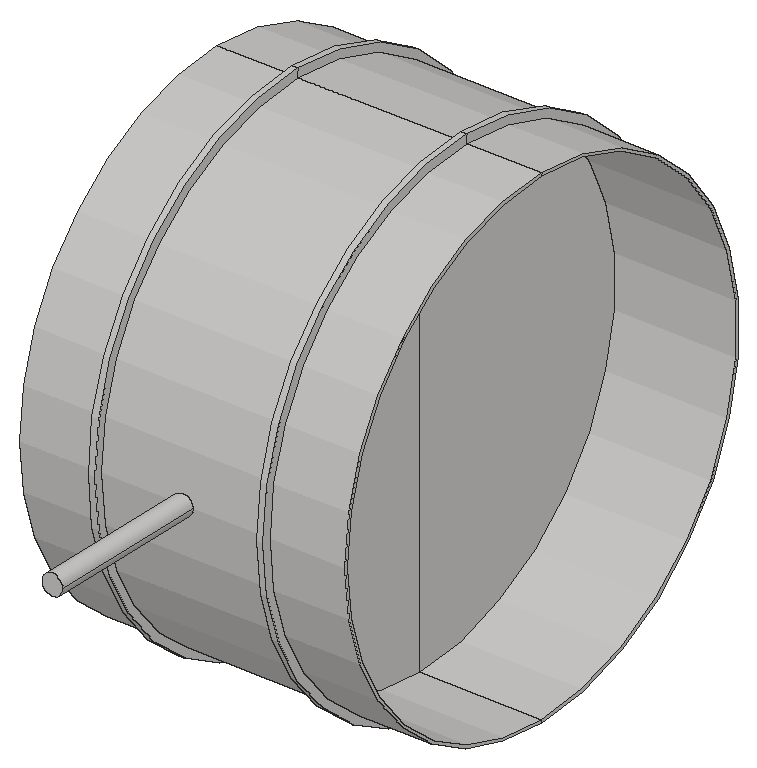
Revit family "Damper-Cable_Operated-Carnes-Round-Single_Blade_FQBA", category Duct Accessories, Revit 2012
Parameters (values of type "FQBA")
  ecoScorecard_data = ""
  ecoScorecard Product Page = "http://www.ecoscorecard.com"
  URL = "http://www.carnes.com/index.html"
  Symbol Line Length [instance] = Diameter + Bearing Length + 4"  # 20"
  Subcategory = "Louvers and Dampers"
  Specifications URL = "http://www.carnes.com/Louvers/pdf/40042.pdf"
  Product Page URL = "http://www.carnes.com/Louvers/FQAA.htm"
  Product Line = "Cable Operated Dampers"
  Pressure Drop = 0.00 Pa
  Model = "FQBA"
  Manufacturer Phone = "608-845-6411"
  Manufacturer Fax = "608-845-6470"
  Manufacturer Email = "mailto:carnes@carnes.com"
  Manufacturer Address = "448 S. Main St., P. O. Box 930040, Verona, WI 53593-0040"
  Manufacturer = "Carnes Company"
  Outside Diameter [instance] = Diameter Control + 0.13"  # 12.13"
  Frame Material = Steel - Carnes – Galvanized
  Duct Connection Radius [instance] = Diameter Control / 2  # 6"
  Diameter Control [instance] = if(Diameter < 4", 4", if(Diameter > 46", 46", Diameter))  # 12"
  Diameter [instance] = 12"
  Description = "Cable Operated Dampers"
  Depth = 8"
  Damper Air Flow = 0 CFM
  Cost Info = "mailto:carnes@carnes.com"
  Connector Descriptor 2 = "Duct Connection 2"
  Connector Descriptor 1 = "Duct Connection 1"
  Catalog URL = "http://www.carnes.com/Louvers/pdf/cable_opr_dpr_brochure.pdf"
  Blade Material = Steel - Carnes – Galvanized
  Assembly Code = "D3090700"
  Bearing Length = 4"
  95 CSI = "10200"
  04 CSI = "08 91 00"
Reference planes (in)
  plane 1 "Center (Front/Back)": y = 0
  plane 2: z = 0
  plane 3 "Center (Left/Right)": x = 0
  plane 4 "Back": y = 6
  plane 5 "Front": y = -6
  plane 6: y = 6.065
  plane 7: y = -6.065
  plane 8: y = -10.065
  plane 9 "Left": x = -4
  plane 10 "Right": x = 4
  plane 11: x = -2
  plane 12: x = 2
  plane 13: z = 6.07
  plane 14 "Symbol CL": y = -2
Forms (in)
  Revolve 1, solid, material "Steel - Carnes – Galvanized" <- "Frame Material"
    sketch origin (0, 0, 0) x (1, 0, 0) y (0, 0, 1)
      loop
        line (-4, 6) -> (-1, 6) -> (-1, 0) -> (1, 0) -> (1, 6) -> (4, 6) -> (4, 6.07) -> (2.15, 6.07) -> (2.15, 6.275) -> (2, 6.275) -> (2, 6.07) -> (-2, 6.07) -> (-2, 6.275) -> (-2.15, 6.275) -> (-2.15, 6.07) -> (-4, 6.07) -> (-4, 6)
      axis (-4, 0) -> (4, 0)
    angle from 0 to 360
  Extrusion 2, solid, material "Steel - Carnes – Galvanized" <- "Frame Material", detail levels medium+fine
    sketch origin (0, 0, 0) x (1, 0, 0) y (0, 0, 1)
      loop
        circle (0, 0) r 0.25
    from 6 to 10.065
Lines and regions (in)
  Masking region 1
    outline origin (0, 0, 0) x (1, 0, 0) y (0, 1, 0)
      loop
        line (-4, -6.065) -> (4, -6.065) -> (4, 6.065) -> (-4, 6.065) -> (-4, -6.065)
  symbolic lines, detail levels medium+fine
    curve 1: line (-3.9375, -6.065, 0) -> (-3.9375, 6.065, 0)
    curve 2: line (3.9375, -6.065, 0) -> (3.9375, 6.065, 0)
    curve 5: line (-0.25, -6.065, 0) -> (0.25, -6.065, 0)
  symbolic lines, detail levels fine
    curve 3: line (-2, 6.065, 0) -> (-2, -6.065, 0)
    curve 4: line (2, 6.065, 0) -> (2, -6.065, 0)
  symbolic lines
    curve 6: line (0, 8, 0) -> (0, -12, 0)
  symbolic lines, style "DuctAccessory"
    curve 7: line (0, 8, 0) -> (-4, 8, 0)
Dimensions and locks (in)
  equal spacing: plane 4 "Back", plane 1 "Center (Front/Back)", plane 5 "Front"
  equal spacing: plane 6, plane 1 "Center (Front/Back)", plane 7
  "Duct Connection Radius": Revolve 1 sketch curve to plane 2
  Revolve 1 sketch curve to plane 3 "Center (Left/Right)" to Revolve 1 sketch curve = 1" locked, 1" locked
  "Bearing Length": plane 7 to plane 8
  locked: Revolve 1 sketch curve to Revolve 1 sketch curve at 0.07
  equal spacing: plane 9 "Left", plane 3 "Center (Left/Right)", plane 10 "Right"
  "Depth": plane 9 "Left" to plane 10 "Right"
  locked: plane 1 "Center (Front/Back)" to connector elem at 0
  locked: connector elem to level
  locked: connector elem to level at 0
  locked: plane 1 "Center (Front/Back)" to connector elem
  equal spacing: plane 12, plane 3 "Center (Left/Right)", plane 11
  locked: Revolve 1 sketch curve to plane 11 at 0.15
  locked: plane 12 to Revolve 1 sketch curve at 0.15
  "Diameter Control": plane 4 "Back" to plane 5 "Front"
  "Outside Diameter": plane 6 to plane 7
  locked: plane 12 to plane 11 at 4
  equal spacing: plane 8, plane 14 "Symbol CL", plane 6
  equal spacing: curve 6, plane 14 "Symbol CL", curve 6
  "Symbol Line Length": curve 6 to curve 6
  locked: curve 7 to plane 3 "Center (Left/Right)" at 4
  radius of Extrusion 2 sketch curve = 1/4"
  aligned and locked: level to plane 2
  aligned and locked: Revolve 1 sketch curve to plane 2  (x2)
  aligned and locked: plane 3 "Center (Left/Right)" to Extrusion 2 sketch curve
  aligned and locked: Extrusion 2 to plane 8
  aligned and locked: Extrusion 2 to plane 5 "Front"
  aligned and locked: Revolve 1 sketch curve to plane 9 "Left"
  aligned and locked: Revolve 1 sketch curve to plane 10 "Right"
  aligned and locked: plane 7 to curve 1
  aligned and locked: plane 7 to curve 2
  aligned and locked: plane 6 to curve 1
  aligned and locked: plane 6 to curve 2
  aligned and locked: Revolve 1 sketch curve to Revolve 1 sketch curve  (x3)
  aligned and locked: plane 12 to Revolve 1 sketch curve
  aligned and locked: plane 11 to Revolve 1 sketch curve
  aligned and locked: plane 2 to Extrusion 2 sketch curve
  aligned and locked: plane 6 to curve 3
  aligned and locked: plane 6 to curve 4
  aligned and locked: plane 7 to curve 3
  aligned and locked: plane 7 to curve 4
  aligned and locked: curve 4 to plane 12
  aligned and locked: curve 3 to plane 11
  aligned and locked: plane 7 to curve 5
  aligned and locked: Masking region 1 sketch curve to plane 9 "Left"
  aligned and locked: Masking region 1 sketch curve to plane 6
  aligned and locked: curve 6 to plane 3 "Center (Left/Right)"
Automatic sketch dimensions
  plane 9 "Left" to Revolve 1 sketch curve = 0.79275"
  plane 10 "Right" to Revolve 1 sketch curve = 3.20725"
  Revolve 1 sketch curve to Revolve 1 sketch curve = 0.205"  (x2)
  Masking region 1 sketch curve to plane 10 "Right" = 0"
  plane 7 to Masking region 1 sketch curve = 0"
  curve 1 to plane 9 "Left" = 1/16"
  curve 5 to plane 3 "Center (Left/Right)" = 1/4"
  plane 3 "Center (Left/Right)" to curve 5 = 1/4"
  curve 2 to plane 10 "Right" = 1/16"
Connectors (in)
  hvac at (-4, 0, 0), driven by "Duct Connection Radius", driven by "Damper Air Flow", driven by "Connector Descriptor 1", driven by "Pressure Drop"
    settings: index 1, duct flow 0 CFM, flow factor 0, pres drop 0.00 Pa, loss coef 0, conn angle 0.00°, conn width 12", conn height 12", conn radius 6", duct sys type 29, conn prof type 0, flow config 0, flow direction 0, loss method 4, conn ref index 2, conn util no, is conn primary yes, conn desc "Duct Connection 1"
  hvac at (4, 0, 0), driven by "Duct Connection Radius", driven by "Damper Air Flow", driven by "Connector Descriptor 2", driven by "Pressure Drop"
    settings: index 2, duct flow 0 CFM, flow factor 0, pres drop 0.00 Pa, loss coef 0, conn angle 0.00°, conn width 12", conn height 12", conn radius 6", duct sys type 29, conn prof type 0, flow config 0, flow direction 0, loss method 4, conn ref index 1, conn util no, is conn primary no, conn desc "Duct Connection 2"
